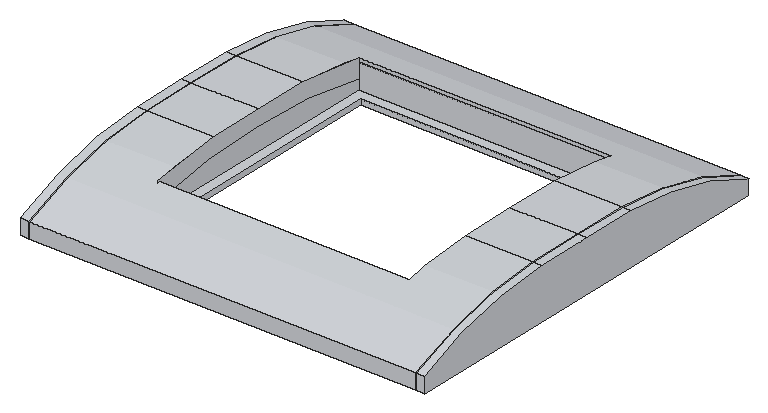
Revit family "Gira_1002776", category Electrical Fixtures, host Face, Revit 2017
Family settings
  Host = Face
  Maintain Annotation Orientation = No
  Round Connector Dimension = Use Diameter
  Part Type = Normal
  Cut with Voids When Loaded = No
  Shared = No
  Room Calculation Point = No
Parameters (values of type "Abdeckrahmen 2f o.M. Zwischenr. F Alu Gira Event Klar Sand")
  Werkstoffgüte = "Thermoplast"
  Werkstoff = "Kunststoff"
  URL = "http://katalog.gira.de/de_DE/datenblatt.html?artikelnr=1002776"
  Transparent = "No"
  Textfeld/Beschriftungsfläche = "No"
  Schutzart (IP) = "IP20"
  Region = "DE"
  Oberfläche = "sonstige"
  Name = "Abdeckrahmen 2f o.M. Zwischenr. F Alu Gira Event Klar Sand"
  Montagerichtung = "horizontal und vertikal"
  Mit Montagerahmen = "No"
  Mit Klappdeckel = "No"
  Manufacturer URL = "https://www.gira.de/"
  Keynote = "Event_Rahmen_2fach o.Mittelsteg"
  HeinzeBIM = "https://bimportal.heinze.de/bim/abdeckrahmen-2f-o-m-zwischenr-f-alu-gira-event-klar-sand/fd0ba6c7ab6a75f0cee7c81485a4968ebad17ffa"
  Halogenfrei = "Yes"
  HAN = "1002776"
  Geeignet für Unterputz-Installation = "Yes"
  Geeignet für Unterflurkanaldose = "No"
  Geeignet für Geräteeinbaukanal = "No"
  Geeignet für Einbauinstallation = "No"
  GTIN = "4010337070368"
  Farbe = "sonstige"
  Default Elevation = 1219.2 mm
  Data sheet (1) = "https://katalog.gira.de/de_DE/download.html?artikelnr=1002776"
  Category = "Abdeckrahmen"
  Befestigungsart = "Klemmbefestigung"
  Available = "Yes"
  Ausführung der Oberfläche = "glänzend"
  Anzahl der Einheiten vertikal = "2 "
  Anzahl der Einheiten horizontal = "2 "
  Anzahl der Einheiten = "2 "
Reference planes
  plane 1 "Center (Front/Back)": y = 0
  plane 2: z = 0
  plane 3 "Center (Left/Right)": x = 0
Forms (mm)
  Extrusion 1, solid, detail levels fine
    sketch origin (0, 0, 1.55) x (0, 1, 0) y (0, 0, 1)
      loop
        arc (12.445, 9.683) -> (6.223, 9.833) -> (0, 9.85) r 291.636
        arc (0, 9.85) -> (-6.223, 9.833) -> (-12.445, 9.683) r 291.636
        arc (-12.445, 9.683) -> (-29.14, 7.482) -> (-45, 1.823) r 79.728
        line (-45, 1.823) -> (-45, -1.55) -> (-41.777, -1.55) -> (-41.777, -0.55)
        arc (-41.777, -0.55) -> (-21.205, 4.846) -> (0, 6.467) r 118.15
        arc (0, 6.467) -> (21.205, 4.846) -> (41.777, -0.55) r 118.15
        line (41.777, -0.55) -> (41.777, -1.55) -> (45, -1.55) -> (45, 1.823)
        arc (45, 1.823) -> (29.14, 7.482) -> (12.445, 9.683) r 79.728
    from -43 to 43
  Extrusion 2, void, detail levels fine
    sketch origin (0, 0, 0) x (1, 0, 0) y (0, 1, 0)
      loop
        line (-28, -28) -> (28, -28) -> (28, 28) -> (-28, 28) -> (-28, -28)
    from 2.85 to 12
  Extrusion 3, solid, detail levels coarse
    sketch origin (0, 0, 0) x (1, 0, 0) y (0, 1, 0)
      loop
        line (-45, 45) -> (-45, -45) -> (45, -45) -> (45, 45) -> (-45, 45)
    from 0 to 11.4
  Extrusion 4, solid, detail levels medium
    sketch origin (0, 0, 1.55) x (0, 1, 0) y (0, 0, 1)
      loop
        arc (12.445, 9.683) -> (6.223, 9.833) -> (0, 9.85) r 291.636
        arc (0, 9.85) -> (-6.223, 9.833) -> (-12.445, 9.683) r 291.636
        arc (-12.445, 9.683) -> (-29.14, 7.482) -> (-45, 1.823) r 79.728
        line (-45, 1.823) -> (-45, -1.55) -> (45, -1.55) -> (45, 1.823)
        arc (45, 1.823) -> (29.14, 7.482) -> (12.445, 9.683) r 79.728
    from -45 to 45
  Extrusion 5, solid, detail levels fine
    sketch origin (0, 0, 0) x (0, 1, 0) y (0, 0, 1)
      loop
        arc (45, 3.373) -> (29.14, 9.032) -> (12.445, 11.233) r 79.728
        arc (12.445, 11.233) -> (6.223, 11.383) -> (0, 11.4) r 291.636
        arc (0, 11.4) -> (-6.223, 11.383) -> (-12.445, 11.233) r 291.636
        arc (-12.445, 11.233) -> (-29.14, 9.032) -> (-45, 3.373) r 79.728
        line (-45, 3.373) -> (-45, 0) -> (45, 0) -> (45, 3.373)
    from 43 to 45
  Extrusion 6, solid, detail levels fine
    sketch origin (0, 0, 0) x (0, 1, 0) y (0, 0, -1)
      loop
        line (45, -3.373) -> (45, 0) -> (-45, 0) -> (-45, -3.373)
        arc (-45, -3.373) -> (-29.14, -9.032) -> (-12.445, -11.233) r 79.728
        arc (-12.445, -11.233) -> (-6.223, -11.383) -> (0, -11.4) r 291.636
        arc (0, -11.4) -> (6.223, -11.383) -> (12.445, -11.233) r 291.636
        arc (12.445, -11.233) -> (29.14, -9.032) -> (45, -3.373) r 79.728
    from 43 to 45
  Extrusion 7, solid, detail levels fine
    sketch origin (0, 0, 0) x (1, 0, 0) y (0, 1, 0)
      loop
        line (-25.7, 25.7) -> (-25.7, -25.7) -> (25.7, -25.7) -> (25.7, 25.7) -> (-25.7, 25.7)
      loop
        line (-29.495, 27.895) -> (-29.495, -27.895)
        spline (-29.495, -27.895) -> (-29.486, -28.025) -> (-29.461, -28.154) -> (-29.419, -28.278) -> (-29.361, -28.395) -> (-29.288, -28.504) -> (-29.202, -28.602) -> (-29.104, -28.688) -> (-28.995, -28.761) -> (-28.878, -28.819) -> (-28.754, -28.861) -> (-28.625, -28.886) -> (-28.495, -28.895)
        line (-28.495, -28.895) -> (28.495, -28.895)
        spline (28.495, -28.895) -> (28.625, -28.886) -> (28.754, -28.861) -> (28.878, -28.819) -> (28.995, -28.761) -> (29.104, -28.688) -> (29.202, -28.602) -> (29.288, -28.504) -> (29.361, -28.395) -> (29.419, -28.278) -> (29.461, -28.154) -> (29.486, -28.025) -> (29.495, -27.895)
        line (29.495, -27.895) -> (29.495, 27.895)
        spline (29.495, 27.895) -> (29.486, 28.025) -> (29.461, 28.154) -> (29.419, 28.278) -> (29.361, 28.395) -> (29.288, 28.504) -> (29.202, 28.602) -> (29.104, 28.688) -> (28.995, 28.761) -> (28.878, 28.819) -> (28.754, 28.861) -> (28.625, 28.886) -> (28.495, 28.895)
        line (28.495, 28.895) -> (-28.495, 28.895)
        spline (-28.495, 28.895) -> (-28.625, 28.886) -> (-28.754, 28.861) -> (-28.878, 28.819) -> (-28.995, 28.761) -> (-29.104, 28.688) -> (-29.202, 28.602) -> (-29.288, 28.504) -> (-29.361, 28.395) -> (-29.419, 28.278) -> (-29.461, 28.154) -> (-29.486, 28.025) -> (-29.495, 27.895)
    from 1.673 to 8.5
Cuts and joins
  Extrusion 2 cuts Extrusion 1
  Extrusion 2 cuts Extrusion 7
Dimensions and locks
  aligned and locked: plane 2 to host face
  aligned and locked: level to host face
